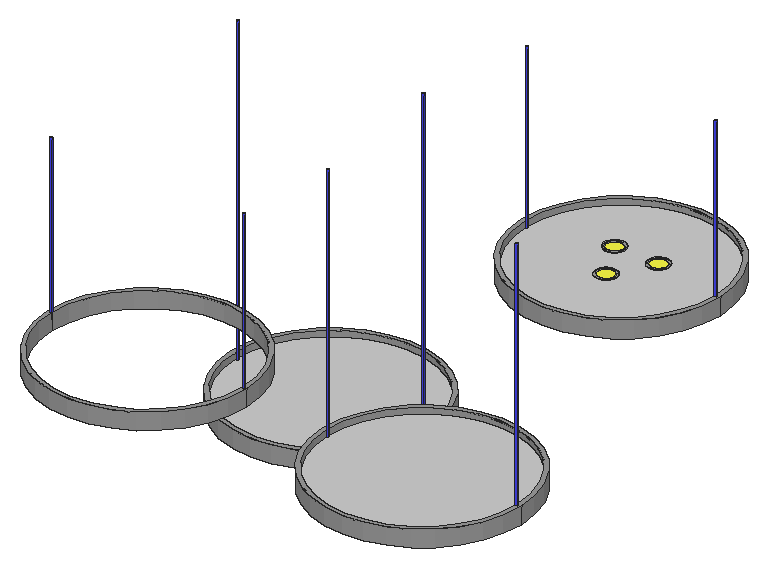
Revit family "CLD-FMD-009_CLUD MORPH_RFA", category Modelos genéricos, Revit 2022 (continued)
Forms (in)
  Extrusion 308, solid, not visible
    sketch origin (-32.38338, 0.00149, -1.20924) x (0, 1, 0) y (0, 0, -1)
      loop
        line (0.96881, 1.14538) -> (0.96881, -1.85462) -> (0.65631, -1.85462) -> (0.65631, -2.35462) -> (0.96881, -2.35462) -> (3.48948, -2.35462) -> (3.48948, -0.60462) -> (4.19814, -0.60462) -> (4.19814, -2.35462) -> (9.23948, -2.35462) -> (9.23948, -0.60462) -> (9.94814, -0.60462) -> (9.94814, -2.35462) -> (14.98948, -2.35462) -> (14.98948, -0.60462) -> (15.69814, -0.60462) -> (15.69814, -2.35462) -> (20.73948, -2.35462) -> (20.73948, -0.60462) -> (21.44814, -0.60462) -> (21.44814, -2.35462) -> (24.28131, -2.35462) -> (24.28131, -1.85462) -> (23.96881, -1.85462) -> (23.96881, 1.14538) -> (0.96881, 1.14538)
    from -3.96341 to -3.49097
  Extrusion 309, solid, not visible
    sketch origin (-26.63338, 0.00149, -1.20924) x (0, 1, 0) y (0, 0, -1)
      loop
        line (0.96881, 1.14538) -> (0.96881, -1.85462) -> (0.65631, -1.85462) -> (0.65631, -2.35462) -> (0.96881, -2.35462) -> (3.48948, -2.35462) -> (3.48948, -0.60462) -> (4.19814, -0.60462) -> (4.19814, -2.35462) -> (9.23948, -2.35462) -> (9.23948, -0.60462) -> (9.94814, -0.60462) -> (9.94814, -2.35462) -> (14.98948, -2.35462) -> (14.98948, -0.60462) -> (15.69814, -0.60462) -> (15.69814, -2.35462) -> (20.73948, -2.35462) -> (20.73948, -0.60462) -> (21.44814, -0.60462) -> (21.44814, -2.35462) -> (24.28131, -2.35462) -> (24.28131, -1.85462) -> (23.96881, -1.85462) -> (23.96881, 1.14538) -> (0.96881, 1.14538)
    from -3.96341 to -3.49097
  Extrusion 310, solid, not visible
    sketch origin (-44, 0, 0) x (1, 0, 0) y (0, 0, 1)
      loop
        line (0.96881, 0.64538) -> (0.96881, -2.35462) -> (3.48948, -2.35462) -> (3.48948, -0.60462) -> (4.19814, -0.60462) -> (4.19814, -2.35462) -> (9.23948, -2.35462) -> (9.23948, -0.60462) -> (9.94814, -0.60462) -> (9.94814, -2.35462) -> (14.98948, -2.35462) -> (14.98948, -0.60462) -> (15.69814, -0.60462) -> (15.69814, -2.35462) -> (20.73948, -2.35462) -> (20.73948, -0.60462) -> (21.44814, -0.60462) -> (21.44814, -2.35462) -> (23.96881, -2.35462) -> (23.96881, 0.64538) -> (24.28131, 0.64538) -> (24.28131, 1.14538) -> (0.65631, 1.14538) -> (0.65631, 0.64538) -> (0.96881, 0.64538)
    from -3.60908 to -3.49097
  Extrusion 311, solid, not visible
    sketch origin (-44, 0, 0) x (1, 0, 0) y (0, 0, 1)
      loop
        line (0.96881, 0.64538) -> (0.96881, -2.35462) -> (3.48948, -2.35462) -> (3.48948, -0.60462) -> (4.19814, -0.60462) -> (4.19814, -2.35462) -> (9.23948, -2.35462) -> (9.23948, -0.60462) -> (9.94814, -0.60462) -> (9.94814, -2.35462) -> (14.98948, -2.35462) -> (14.98948, -0.60462) -> (15.69814, -0.60462) -> (15.69814, -2.35462) -> (20.73948, -2.35462) -> (20.73948, -0.60462) -> (21.44814, -0.60462) -> (21.44814, -2.35462) -> (23.96881, -2.35462) -> (23.96881, 0.64538) -> (24.28131, 0.64538) -> (24.28131, 1.14538) -> (0.65631, 1.14538) -> (0.65631, 0.64538) -> (0.96881, 0.64538)
    from -4.08152 to -3.60908
  Extrusion 312, solid, not visible
    sketch origin (-44, 0, 0) x (1, 0, 0) y (0, 0, 1)
      loop
        line (0.96881, 0.64538) -> (0.96881, -2.35462) -> (3.48948, -2.35462) -> (3.48948, -0.60462) -> (4.19814, -0.60462) -> (4.19814, -2.35462) -> (9.23948, -2.35462) -> (9.23948, -0.60462) -> (9.94814, -0.60462) -> (9.94814, -2.35462) -> (14.98948, -2.35462) -> (14.98948, -0.60462) -> (15.69814, -0.60462) -> (15.69814, -2.35462) -> (20.73948, -2.35462) -> (20.73948, -0.60462) -> (21.44814, -0.60462) -> (21.44814, -2.35462) -> (23.96881, -2.35462) -> (23.96881, 0.64538) -> (24.28131, 0.64538) -> (24.28131, 1.14538) -> (0.65631, 1.14538) -> (0.65631, 0.64538) -> (0.96881, 0.64538)
    from -4.19963 to -4.08152
  Extrusion 313, solid, not visible
    sketch origin (-44.00149, 0.00149, -1.20924) x (0, 1, 0) y (0, 0, -1)
      loop
        line (0.96881, 1.14538) -> (0.96881, -1.85462) -> (0.65631, -1.85462) -> (0.65631, -2.35462) -> (0.96881, -2.35462) -> (3.48948, -2.35462) -> (3.48948, -0.60462) -> (4.19814, -0.60462) -> (4.19814, -2.35462) -> (9.23948, -2.35462) -> (9.23948, -0.60462) -> (9.94814, -0.60462) -> (9.94814, -2.35462) -> (14.98948, -2.35462) -> (14.98948, -0.60462) -> (15.69814, -0.60462) -> (15.69814, -2.35462) -> (20.73948, -2.35462) -> (20.73948, -0.60462) -> (21.44814, -0.60462) -> (21.44814, -2.35462) -> (24.28131, -2.35462) -> (24.28131, -1.85462) -> (23.96881, -1.85462) -> (23.96881, 1.14538) -> (0.96881, 1.14538)
    from -3.60908 to -3.49097
  Extrusion 314, solid, not visible
    sketch origin (-43.88338, 0.00149, -1.20924) x (0, 1, 0) y (0, 0, -1)
      loop
        line (0.96881, 1.14538) -> (0.96881, -1.85462) -> (0.65631, -1.85462) -> (0.65631, -2.35462) -> (0.96881, -2.35462) -> (3.48948, -2.35462) -> (3.48948, -0.60462) -> (4.19814, -0.60462) -> (4.19814, -2.35462) -> (9.23948, -2.35462) -> (9.23948, -0.60462) -> (9.94814, -0.60462) -> (9.94814, -2.35462) -> (14.98948, -2.35462) -> (14.98948, -0.60462) -> (15.69814, -0.60462) -> (15.69814, -2.35462) -> (20.73948, -2.35462) -> (20.73948, -0.60462) -> (21.44814, -0.60462) -> (21.44814, -2.35462) -> (24.28131, -2.35462) -> (24.28131, -1.85462) -> (23.96881, -1.85462) -> (23.96881, 1.14538) -> (0.96881, 1.14538)
    from -3.96341 to -3.49097
  Extrusion 315, solid, not visible
    sketch origin (-44.00149, 0.00149, -1.20924) x (0, 1, 0) y (0, 0, -1)
      loop
        line (0.96881, 1.14538) -> (0.96881, -1.85462) -> (0.65631, -1.85462) -> (0.65631, -2.35462) -> (0.96881, -2.35462) -> (3.48948, -2.35462) -> (3.48948, -0.60462) -> (4.19814, -0.60462) -> (4.19814, -2.35462) -> (9.23948, -2.35462) -> (9.23948, -0.60462) -> (9.94814, -0.60462) -> (9.94814, -2.35462) -> (14.98948, -2.35462) -> (14.98948, -0.60462) -> (15.69814, -0.60462) -> (15.69814, -2.35462) -> (20.73948, -2.35462) -> (20.73948, -0.60462) -> (21.44814, -0.60462) -> (21.44814, -2.35462) -> (24.28131, -2.35462) -> (24.28131, -1.85462) -> (23.96881, -1.85462) -> (23.96881, 1.14538) -> (0.96881, 1.14538)
    from -4.19963 to -4.08152
  Extrusion 316, solid, not visible
    sketch origin (-44, 0, 0) x (1, 0, 0) y (0, 0, 1)
      loop
        line (0.96881, 0.64538) -> (0.96881, -2.35462) -> (3.48948, -2.35462) -> (3.48948, -0.60462) -> (4.19814, -0.60462) -> (4.19814, -2.35462) -> (9.23948, -2.35462) -> (9.23948, -0.60462) -> (9.94814, -0.60462) -> (9.94814, -2.35462) -> (14.98948, -2.35462) -> (14.98948, -0.60462) -> (15.69814, -0.60462) -> (15.69814, -2.35462) -> (20.73948, -2.35462) -> (20.73948, -0.60462) -> (21.44814, -0.60462) -> (21.44814, -2.35462) -> (23.96881, -2.35462) -> (23.96881, 0.64538) -> (24.28131, 0.64538) -> (24.28131, 1.14538) -> (0.65631, 1.14538) -> (0.65631, 0.64538) -> (0.96881, 0.64538)
    from -9.94963 to -9.83152
  Extrusion 317, solid, not visible
    sketch origin (-44, 0, 0) x (1, 0, 0) y (0, 0, 1)
      loop
        line (0.96881, 0.64538) -> (0.96881, -2.35462) -> (3.48948, -2.35462) -> (3.48948, -0.60462) -> (4.19814, -0.60462) -> (4.19814, -2.35462) -> (9.23948, -2.35462) -> (9.23948, -0.60462) -> (9.94814, -0.60462) -> (9.94814, -2.35462) -> (14.98948, -2.35462) -> (14.98948, -0.60462) -> (15.69814, -0.60462) -> (15.69814, -2.35462) -> (20.73948, -2.35462) -> (20.73948, -0.60462) -> (21.44814, -0.60462) -> (21.44814, -2.35462) -> (23.96881, -2.35462) -> (23.96881, 0.64538) -> (24.28131, 0.64538) -> (24.28131, 1.14538) -> (0.65631, 1.14538) -> (0.65631, 0.64538) -> (0.96881, 0.64538)
    from -9.35908 to -9.24097
  Extrusion 318, solid, not visible
    sketch origin (-44, 0, 0) x (1, 0, 0) y (0, 0, 1)
      loop
        line (0.96881, 0.64538) -> (0.96881, -2.35462) -> (3.48948, -2.35462) -> (3.48948, -0.60462) -> (4.19814, -0.60462) -> (4.19814, -2.35462) -> (9.23948, -2.35462) -> (9.23948, -0.60462) -> (9.94814, -0.60462) -> (9.94814, -2.35462) -> (14.98948, -2.35462) -> (14.98948, -0.60462) -> (15.69814, -0.60462) -> (15.69814, -2.35462) -> (20.73948, -2.35462) -> (20.73948, -0.60462) -> (21.44814, -0.60462) -> (21.44814, -2.35462) -> (23.96881, -2.35462) -> (23.96881, 0.64538) -> (24.28131, 0.64538) -> (24.28131, 1.14538) -> (0.65631, 1.14538) -> (0.65631, 0.64538) -> (0.96881, 0.64538)
    from -9.83152 to -9.35908
  Extrusion 319, solid, not visible
    sketch origin (-44, 0, 0) x (1, 0, 0) y (0, 0, 1)
      loop
        line (0.96881, 0.64538) -> (0.96881, -2.35462) -> (3.48948, -2.35462) -> (3.48948, -0.60462) -> (4.19814, -0.60462) -> (4.19814, -2.35462) -> (9.23948, -2.35462) -> (9.23948, -0.60462) -> (9.94814, -0.60462) -> (9.94814, -2.35462) -> (14.98948, -2.35462) -> (14.98948, -0.60462) -> (15.69814, -0.60462) -> (15.69814, -2.35462) -> (20.73948, -2.35462) -> (20.73948, -0.60462) -> (21.44814, -0.60462) -> (21.44814, -2.35462) -> (23.96881, -2.35462) -> (23.96881, 0.64538) -> (24.28131, 0.64538) -> (24.28131, 1.14538) -> (0.65631, 1.14538) -> (0.65631, 0.64538) -> (0.96881, 0.64538)
    from -15.69963 to -15.58152
  Extrusion 320, solid, not visible
    sketch origin (-44, 0, 0) x (1, 0, 0) y (0, 0, 1)
      loop
        line (0.96881, 0.64538) -> (0.96881, -2.35462) -> (3.48948, -2.35462) -> (3.48948, -0.60462) -> (4.19814, -0.60462) -> (4.19814, -2.35462) -> (9.23948, -2.35462) -> (9.23948, -0.60462) -> (9.94814, -0.60462) -> (9.94814, -2.35462) -> (14.98948, -2.35462) -> (14.98948, -0.60462) -> (15.69814, -0.60462) -> (15.69814, -2.35462) -> (20.73948, -2.35462) -> (20.73948, -0.60462) -> (21.44814, -0.60462) -> (21.44814, -2.35462) -> (23.96881, -2.35462) -> (23.96881, 0.64538) -> (24.28131, 0.64538) -> (24.28131, 1.14538) -> (0.65631, 1.14538) -> (0.65631, 0.64538) -> (0.96881, 0.64538)
    from -15.10908 to -14.99097
  Extrusion 321, solid, not visible
    sketch origin (-44, 0, 0) x (1, 0, 0) y (0, 0, 1)
      loop
        line (0.96881, 0.64538) -> (0.96881, -2.35462) -> (3.48948, -2.35462) -> (3.48948, -0.60462) -> (4.19814, -0.60462) -> (4.19814, -2.35462) -> (9.23948, -2.35462) -> (9.23948, -0.60462) -> (9.94814, -0.60462) -> (9.94814, -2.35462) -> (14.98948, -2.35462) -> (14.98948, -0.60462) -> (15.69814, -0.60462) -> (15.69814, -2.35462) -> (20.73948, -2.35462) -> (20.73948, -0.60462) -> (21.44814, -0.60462) -> (21.44814, -2.35462) -> (23.96881, -2.35462) -> (23.96881, 0.64538) -> (24.28131, 0.64538) -> (24.28131, 1.14538) -> (0.65631, 1.14538) -> (0.65631, 0.64538) -> (0.96881, 0.64538)
    from -15.58152 to -15.10908
  Extrusion 322, solid, not visible
    sketch origin (-44, 0, 0) x (1, 0, 0) y (0, 0, 1)
      loop
        line (0.96881, 0.64538) -> (0.96881, -2.35462) -> (3.48948, -2.35462) -> (3.48948, -0.60462) -> (4.19814, -0.60462) -> (4.19814, -2.35462) -> (9.23948, -2.35462) -> (9.23948, -0.60462) -> (9.94814, -0.60462) -> (9.94814, -2.35462) -> (14.98948, -2.35462) -> (14.98948, -0.60462) -> (15.69814, -0.60462) -> (15.69814, -2.35462) -> (20.73948, -2.35462) -> (20.73948, -0.60462) -> (21.44814, -0.60462) -> (21.44814, -2.35462) -> (23.96881, -2.35462) -> (23.96881, 0.64538) -> (24.28131, 0.64538) -> (24.28131, 1.14538) -> (0.65631, 1.14538) -> (0.65631, 0.64538) -> (0.96881, 0.64538)
    from -21.44963 to -21.33152
  Extrusion 323, solid, not visible
    sketch origin (-44, 0, 0) x (1, 0, 0) y (0, 0, 1)
      loop
        line (0.96881, 0.64538) -> (0.96881, -2.35462) -> (3.48948, -2.35462) -> (3.48948, -0.60462) -> (4.19814, -0.60462) -> (4.19814, -2.35462) -> (9.23948, -2.35462) -> (9.23948, -0.60462) -> (9.94814, -0.60462) -> (9.94814, -2.35462) -> (14.98948, -2.35462) -> (14.98948, -0.60462) -> (15.69814, -0.60462) -> (15.69814, -2.35462) -> (20.73948, -2.35462) -> (20.73948, -0.60462) -> (21.44814, -0.60462) -> (21.44814, -2.35462) -> (23.96881, -2.35462) -> (23.96881, 0.64538) -> (24.28131, 0.64538) -> (24.28131, 1.14538) -> (0.65631, 1.14538) -> (0.65631, 0.64538) -> (0.96881, 0.64538)
    from -20.85908 to -20.74097
  Extrusion 324, solid, not visible
    sketch origin (-44, 0, 0) x (1, 0, 0) y (0, 0, 1)
      loop
        line (0.96881, 0.64538) -> (0.96881, -2.35462) -> (3.48948, -2.35462) -> (3.48948, -0.60462) -> (4.19814, -0.60462) -> (4.19814, -2.35462) -> (9.23948, -2.35462) -> (9.23948, -0.60462) -> (9.94814, -0.60462) -> (9.94814, -2.35462) -> (14.98948, -2.35462) -> (14.98948, -0.60462) -> (15.69814, -0.60462) -> (15.69814, -2.35462) -> (20.73948, -2.35462) -> (20.73948, -0.60462) -> (21.44814, -0.60462) -> (21.44814, -2.35462) -> (23.96881, -2.35462) -> (23.96881, 0.64538) -> (24.28131, 0.64538) -> (24.28131, 1.14538) -> (0.65631, 1.14538) -> (0.65631, 0.64538) -> (0.96881, 0.64538)
    from -21.33152 to -20.85908
  Extrusion 325, solid, not visible
    sketch origin (-38.25149, 0.00149, -1.20924) x (0, 1, 0) y (0, 0, -1)
      loop
        line (0.96881, 1.14538) -> (0.96881, -1.85462) -> (0.65631, -1.85462) -> (0.65631, -2.35462) -> (0.96881, -2.35462) -> (3.48948, -2.35462) -> (3.48948, -0.60462) -> (4.19814, -0.60462) -> (4.19814, -2.35462) -> (9.23948, -2.35462) -> (9.23948, -0.60462) -> (9.94814, -0.60462) -> (9.94814, -2.35462) -> (14.98948, -2.35462) -> (14.98948, -0.60462) -> (15.69814, -0.60462) -> (15.69814, -2.35462) -> (20.73948, -2.35462) -> (20.73948, -0.60462) -> (21.44814, -0.60462) -> (21.44814, -2.35462) -> (24.28131, -2.35462) -> (24.28131, -1.85462) -> (23.96881, -1.85462) -> (23.96881, 1.14538) -> (0.96881, 1.14538)
    from -4.19963 to -4.08152
  Extrusion 326, solid, not visible
    sketch origin (-38.84204, 0.00149, -1.20924) x (0, 1, 0) y (0, 0, -1)
      loop
        line (0.96881, 1.14538) -> (0.96881, -1.85462) -> (0.65631, -1.85462) -> (0.65631, -2.35462) -> (0.96881, -2.35462) -> (3.48948, -2.35462) -> (3.48948, -0.60462) -> (4.19814, -0.60462) -> (4.19814, -2.35462) -> (9.23948, -2.35462) -> (9.23948, -0.60462) -> (9.94814, -0.60462) -> (9.94814, -2.35462) -> (14.98948, -2.35462) -> (14.98948, -0.60462) -> (15.69814, -0.60462) -> (15.69814, -2.35462) -> (20.73948, -2.35462) -> (20.73948, -0.60462) -> (21.44814, -0.60462) -> (21.44814, -2.35462) -> (24.28131, -2.35462) -> (24.28131, -1.85462) -> (23.96881, -1.85462) -> (23.96881, 1.14538) -> (0.96881, 1.14538)
    from -4.19963 to -4.08152
  Extrusion 327, solid, not visible
    sketch origin (-32.50149, 0.00149, -1.20924) x (0, 1, 0) y (0, 0, -1)
      loop
        line (0.96881, 1.14538) -> (0.96881, -1.85462) -> (0.65631, -1.85462) -> (0.65631, -2.35462) -> (0.96881, -2.35462) -> (3.48948, -2.35462) -> (3.48948, -0.60462) -> (4.19814, -0.60462) -> (4.19814, -2.35462) -> (9.23948, -2.35462) -> (9.23948, -0.60462) -> (9.94814, -0.60462) -> (9.94814, -2.35462) -> (14.98948, -2.35462) -> (14.98948, -0.60462) -> (15.69814, -0.60462) -> (15.69814, -2.35462) -> (20.73948, -2.35462) -> (20.73948, -0.60462) -> (21.44814, -0.60462) -> (21.44814, -2.35462) -> (24.28131, -2.35462) -> (24.28131, -1.85462) -> (23.96881, -1.85462) -> (23.96881, 1.14538) -> (0.96881, 1.14538)
    from -4.19963 to -4.08152
  Extrusion 328, solid, not visible
    sketch origin (-33.09204, 0.00149, -1.20924) x (0, 1, 0) y (0, 0, -1)
      loop
        line (0.96881, 1.14538) -> (0.96881, -1.85462) -> (0.65631, -1.85462) -> (0.65631, -2.35462) -> (0.96881, -2.35462) -> (3.48948, -2.35462) -> (3.48948, -0.60462) -> (4.19814, -0.60462) -> (4.19814, -2.35462) -> (9.23948, -2.35462) -> (9.23948, -0.60462) -> (9.94814, -0.60462) -> (9.94814, -2.35462) -> (14.98948, -2.35462) -> (14.98948, -0.60462) -> (15.69814, -0.60462) -> (15.69814, -2.35462) -> (20.73948, -2.35462) -> (20.73948, -0.60462) -> (21.44814, -0.60462) -> (21.44814, -2.35462) -> (24.28131, -2.35462) -> (24.28131, -1.85462) -> (23.96881, -1.85462) -> (23.96881, 1.14538) -> (0.96881, 1.14538)
    from -4.19963 to -4.08152
  Extrusion 329, solid, not visible
    sketch origin (-27.34204, 0.00149, -1.20924) x (0, 1, 0) y (0, 0, -1)
      loop
        line (0.96881, 1.14538) -> (0.96881, -1.85462) -> (0.65631, -1.85462) -> (0.65631, -2.35462) -> (0.96881, -2.35462) -> (3.48948, -2.35462) -> (3.48948, -0.60462) -> (4.19814, -0.60462) -> (4.19814, -2.35462) -> (9.23948, -2.35462) -> (9.23948, -0.60462) -> (9.94814, -0.60462) -> (9.94814, -2.35462) -> (14.98948, -2.35462) -> (14.98948, -0.60462) -> (15.69814, -0.60462) -> (15.69814, -2.35462) -> (20.73948, -2.35462) -> (20.73948, -0.60462) -> (21.44814, -0.60462) -> (21.44814, -2.35462) -> (24.28131, -2.35462) -> (24.28131, -1.85462) -> (23.96881, -1.85462) -> (23.96881, 1.14538) -> (0.96881, 1.14538)
    from -4.19963 to -4.08152
  Extrusion 330, solid, not visible
    sketch origin (-26.75149, 0.00149, -1.20924) x (0, 1, 0) y (0, 0, -1)
      loop
        line (0.96881, 1.14538) -> (0.96881, -1.85462) -> (0.65631, -1.85462) -> (0.65631, -2.35462) -> (0.96881, -2.35462) -> (3.48948, -2.35462) -> (3.48948, -0.60462) -> (4.19814, -0.60462) -> (4.19814, -2.35462) -> (9.23948, -2.35462) -> (9.23948, -0.60462) -> (9.94814, -0.60462) -> (9.94814, -2.35462) -> (14.98948, -2.35462) -> (14.98948, -0.60462) -> (15.69814, -0.60462) -> (15.69814, -2.35462) -> (20.73948, -2.35462) -> (20.73948, -0.60462) -> (21.44814, -0.60462) -> (21.44814, -2.35462) -> (24.28131, -2.35462) -> (24.28131, -1.85462) -> (23.96881, -1.85462) -> (23.96881, 1.14538) -> (0.96881, 1.14538)
    from -4.19963 to -4.08152
  Extrusion 331, solid, not visible
    sketch origin (-38.13338, 0.00149, -1.20924) x (0, 1, 0) y (0, 0, -1)
      loop
        line (0.96881, 1.14538) -> (0.96881, -1.85462) -> (0.65631, -1.85462) -> (0.65631, -2.35462) -> (0.96881, -2.35462) -> (3.48948, -2.35462) -> (3.48948, -0.60462) -> (4.19814, -0.60462) -> (4.19814, -2.35462) -> (9.23948, -2.35462) -> (9.23948, -0.60462) -> (9.94814, -0.60462) -> (9.94814, -2.35462) -> (14.98948, -2.35462) -> (14.98948, -0.60462) -> (15.69814, -0.60462) -> (15.69814, -2.35462) -> (20.73948, -2.35462) -> (20.73948, -0.60462) -> (21.44814, -0.60462) -> (21.44814, -2.35462) -> (24.28131, -2.35462) -> (24.28131, -1.85462) -> (23.96881, -1.85462) -> (23.96881, 1.14538) -> (0.96881, 1.14538)
    from -3.96341 to -3.49097
  Extrusion 332, solid, not visible
    sketch origin (-32.38338, 0.00149, -1.20924) x (0, 1, 0) y (0, 0, -1)
      loop
        line (0.96881, 1.14538) -> (0.96881, -1.85462) -> (0.65631, -1.85462) -> (0.65631, -2.35462) -> (0.96881, -2.35462) -> (3.48948, -2.35462) -> (3.48948, -0.60462) -> (4.19814, -0.60462) -> (4.19814, -2.35462) -> (9.23948, -2.35462) -> (9.23948, -0.60462) -> (9.94814, -0.60462) -> (9.94814, -2.35462) -> (14.98948, -2.35462) -> (14.98948, -0.60462) -> (15.69814, -0.60462) -> (15.69814, -2.35462) -> (20.73948, -2.35462) -> (20.73948, -0.60462) -> (21.44814, -0.60462) -> (21.44814, -2.35462) -> (24.28131, -2.35462) -> (24.28131, -1.85462) -> (23.96881, -1.85462) -> (23.96881, 1.14538) -> (0.96881, 1.14538)
    from -3.96341 to -3.49097
  Extrusion 333, solid, not visible
    sketch origin (-26.63338, 0.00149, -1.20924) x (0, 1, 0) y (0, 0, -1)
      loop
        line (0.96881, 1.14538) -> (0.96881, -1.85462) -> (0.65631, -1.85462) -> (0.65631, -2.35462) -> (0.96881, -2.35462) -> (3.48948, -2.35462) -> (3.48948, -0.60462) -> (4.19814, -0.60462) -> (4.19814, -2.35462) -> (9.23948, -2.35462) -> (9.23948, -0.60462) -> (9.94814, -0.60462) -> (9.94814, -2.35462) -> (14.98948, -2.35462) -> (14.98948, -0.60462) -> (15.69814, -0.60462) -> (15.69814, -2.35462) -> (20.73948, -2.35462) -> (20.73948, -0.60462) -> (21.44814, -0.60462) -> (21.44814, -2.35462) -> (24.28131, -2.35462) -> (24.28131, -1.85462) -> (23.96881, -1.85462) -> (23.96881, 1.14538) -> (0.96881, 1.14538)
    from -3.96341 to -3.49097
  Extrusion 334, solid, not visible
    sketch origin (0, 0, 0) x (1, 0, 0) y (0, 1, 0)
      loop
        line (0, 0.11811) -> (0, 0) -> (48, 0) -> (48, 0.11811) -> (0, 0.11811)
    from 0 to 108
  Extrusion 335, solid, not visible
    sketch origin (0, 0, 0) x (1, 0, 0) y (0, 1, 0)
      loop
        line (0, 0.59055) -> (0, 0.11811) -> (48, 0.11811) -> (48, 0.59055) -> (0, 0.59055)
    from 0 to 108
  Extrusion 336, solid, not visible
    sketch origin (20.06218, -10.5, 0) x (0.5, 0.866025, 0) y (-0.866025, 0.5, 0)
      loop
        line (26.12436, 24.24871) -> (1.87564, 24.24871) -> (0, 21) -> (12.12436, 0) -> (36.37307, 0) -> (38.24871, 3.24871) -> (26.12436, 24.24871)
      loop
        line (35.82754, 0.94488) -> (37.15766, 3.24871) -> (25.57883, 23.30383) -> (2.42117, 23.30383) -> (1.09106, 21) -> (12.66988, 0.94488) -> (35.82754, 0.94488)
    from 0 to 10
  Extrusion 337, solid, not visible
    sketch origin (18.18653, 13.74871, 0) x (-0.5, 0.866025, 0) y (-0.866025, -0.5, 0)
      loop
        line (26.12436, 24.24871) -> (1.87564, 24.24871) -> (0, 21) -> (12.12436, 0) -> (36.37307, 0) -> (38.24871, 3.24871) -> (26.12436, 24.24871)
      loop
        line (35.82754, 0.94488) -> (37.15766, 3.24871) -> (25.57883, 23.30383) -> (2.42117, 23.30383) -> (1.09106, 21) -> (12.66988, 0.94488) -> (35.82754, 0.94488)
    from 0 to 10
  Extrusion 338, solid, not visible
    sketch origin (-23.81347, -10.5, 0) x (-0.5, 0.866025, 0) y (-0.866025, -0.5, 0)
      loop
        line (26.12436, -24.24871) -> (38.24871, -3.24871) -> (36.37307, 0) -> (12.12436, 0) -> (0, -21) -> (1.87564, -24.24871) -> (26.12436, -24.24871)
      loop
        line (35.82754, -0.94488) -> (12.66988, -0.94488) -> (1.09106, -21) -> (2.42117, -23.30383) -> (25.57883, -23.30383) -> (37.15766, -3.24871) -> (35.82754, -0.94488)
    from 0 to 10
  Extrusion 339, solid, not visible
    sketch origin (20.06218, 10.5, 0) x (0.5, -0.866025, 0) y (0.866025, 0.5, 0)
      loop
        line (26.12436, -24.24871) -> (38.24871, -3.24871) -> (36.37307, 0) -> (12.12436, 0) -> (0, -21) -> (1.87564, -24.24871) -> (26.12436, -24.24871)
      loop
        line (35.82754, -0.94488) -> (12.66988, -0.94488) -> (1.09106, -21) -> (2.42117, -23.30383) -> (25.57883, -23.30383) -> (37.15766, -3.24871) -> (35.82754, -0.94488)
    from 0 to 10
  Extrusion 340, solid, not visible
    sketch origin (18.18653, -13.74871, 0) x (-0.5, -0.866025, 0) y (0.866025, -0.5, 0)
      loop
        line (26.12436, -24.24871) -> (38.24871, -3.24871) -> (36.37307, 0) -> (12.12436, 0) -> (0, -21) -> (1.87564, -24.24871) -> (26.12436, -24.24871)
      loop
        line (35.82754, -0.94488) -> (12.66988, -0.94488) -> (1.09106, -21) -> (2.42117, -23.30383) -> (25.57883, -23.30383) -> (37.15766, -3.24871) -> (35.82754, -0.94488)
    from 0 to 10
  Extrusion 341, solid, not visible
    sketch origin (-23.81347, 10.5, 0) x (-0.5, -0.866025, 0) y (0.866025, -0.5, 0)
      loop
        line (26.12436, 24.24871) -> (1.87564, 24.24871) -> (0, 21) -> (12.12436, 0) -> (36.37307, 0) -> (38.24871, 3.24871) -> (26.12436, 24.24871)
      loop
        line (35.82754, 0.94488) -> (37.15766, 3.24871) -> (25.57883, 23.30383) -> (2.42117, 23.30383) -> (1.09106, 21) -> (12.66988, 0.94488) -> (35.82754, 0.94488)
    from 0 to 10
  Extrusion 342, solid, not visible
    sketch origin (-21.93782, 13.74871, 0) x (0.5, 0.866025, 0) y (-0.866025, 0.5, 0)
      loop
        line (26.12436, 24.24871) -> (1.87564, 24.24871) -> (0, 21) -> (12.12436, 0) -> (36.37307, 0) -> (38.24871, 3.24871) -> (26.12436, 24.24871)
      loop
        line (35.82754, 0.94488) -> (37.15766, 3.24871) -> (25.57883, 23.30383) -> (2.42117, 23.30383) -> (1.09106, 21) -> (12.66988, 0.94488) -> (35.82754, 0.94488)
    from 0 to 10
  Extrusion 343, solid, not visible
    sketch origin (-21.94005, -13.75, 0) x (0.5, -0.866025, 0) y (0.866025, 0.5, 0)
      loop
        line (26.12436, -24.24871) -> (38.24871, -3.24871) -> (36.37307, 0) -> (12.12436, 0) -> (0, -21) -> (1.87564, -24.24871) -> (26.12436, -24.24871)
      loop
        line (35.82754, -0.94488) -> (12.66988, -0.94488) -> (1.09106, -21) -> (2.42117, -23.30383) -> (25.57883, -23.30383) -> (37.15766, -3.24871) -> (35.82754, -0.94488)
    from 0 to 10
  Extrusion 344, solid, not visible
    sketch origin (60.18877, 10.50129, 0) x (-0.5, -0.866025, 0) y (0.866025, -0.5, 0)
      loop
        line (26.12436, -24.24871) -> (38.24871, -3.24871) -> (36.37307, 0) -> (12.12436, 0) -> (0, -21) -> (1.87564, -24.24871) -> (26.12436, -24.24871)
      loop
        line (35.82754, -0.94488) -> (12.66988, -0.94488) -> (1.09106, -21) -> (2.42117, -23.30383) -> (25.57883, -23.30383) -> (37.15766, -3.24871) -> (35.82754, -0.94488)
    from 0 to 10
  Extrusion 345, solid
    sketch origin (-46.06983, 3.37295, 0) x (1, 0, 0) y (0, 1, 0)
      loop
        circle (21.56983, 21.96091) r 24.5
      loop
        circle (21.56983, 21.96091) r 23.5
    from -0.08187 to 4
  Extrusion 346, solid, not visible
    sketch origin (-2.92322, 3.37295, 0) x (1, 0, 0) y (0, 1, 0)
      loop
        circle (21.56983, 21.96091) r 24.5
      loop
        circle (21.56983, 21.96091) r 23.5
    from 0 to 8
  Extrusion 347, solid
    sketch origin (2.93017, 26.89023, -19) x (1, 0, 0) y (0, 1, 0)
      loop
        circle (21.56983, 21.96091) r 24.5
      loop
        circle (21.56983, 21.96091) r 23.5
    from -0.08187 to 4
  Extrusion 348, solid
    sketch origin (2.64871, 88.6031, 0) x (1, 0, 0) y (0, 1, 0)
      loop
        circle (21.56983, 21.96091) r 24.5
      loop
        circle (21.56983, 21.96091) r 23.5
    from -0.08187 to 4
  Extrusion 349, solid
    sketch origin (-112.3122, 23.51728, -19) x (1, 0, 0) y (0, 1, 0)
      loop
        circle (136.8122, 25.33386) r 23.5
    from 2 to 2.63408
  Extrusion 350, solid
    sketch origin (-312.50359, 85.23015, 0) x (1, 0, 0) y (0, 1, 0)
      loop
        circle (336.72124, 25.33386) r 23.50089
      loop
        circle (342.14048, 30.00794) r 2.5
      loop
        circle (331.30201, 30.00794) r 2.50503
      loop
        circle (336.72124, 20.60773) r 2.50503
    from 2 to 2.63408
  Extrusion 351, solid
    sketch origin (-312.50359, 85.23015, 0) x (1, 0, 0) y (0, 1, 0)
      loop
        circle (331.30201, 30.00794) r 2.50503
      loop
        circle (331.30201, 30.00794) r 2
    from 1.91103 to 2.63408
  Extrusion 352, solid
    sketch origin (-312.50359, 85.23015, 0) x (1, 0, 0) y (0, 1, 0)
      loop
        circle (331.30201, 30.00794) r 2
    from 1.94644 to 2.58052
  Extrusion 353, solid, not visible
    sketch origin (0, 0, 0) x (1, 0, 0) y (0, 1, 0)
      loop
        circle (331.30201, 30.00794) r 2.50503
      loop
        circle (331.30201, 30.00794) r 2
    from 1.91103 to 2.63408
  Extrusion 354, solid, not visible
    sketch origin (0, 0, 0) x (1, 0, 0) y (0, 1, 0)
      loop
        circle (331.30201, 30.00794) r 2
    from 1.94644 to 2.58052
  Extrusion 355, solid
    sketch origin (-301.66513, 85.23015, 0) x (1, 0, 0) y (0, 1, 0)
      loop
        circle (331.30201, 30.00794) r 2.50503
      loop
        circle (331.30201, 30.00794) r 2
    from 1.91103 to 2.63408
  Extrusion 356, solid
    sketch origin (-301.66513, 85.23015, 0) x (1, 0, 0) y (0, 1, 0)
      loop
        circle (331.30201, 30.00794) r 2
    from 1.94644 to 2.58052
  Extrusion 357, solid
    sketch origin (-307.08436, 75.84377, 0) x (1, 0, 0) y (0, 1, 0)
      loop
        circle (331.30201, 30.00794) r 2.50503
      loop
        circle (331.30201, 30.00794) r 2
    from 1.91103 to 2.63408
  Extrusion 358, solid
    sketch origin (-307.08436, 75.84377, 0) x (1, 0, 0) y (0, 1, 0)
      loop
        circle (331.30201, 30.00794) r 2
    from 1.94644 to 2.58052
  Extrusion 359, solid
    sketch origin (-315.65773, 85.23015, 0) x (1, 0, 0) y (0, 1, 0)
      loop
        circle (316.62627, 25.33386) r 0.25
    from 2.63408 to 42.53135
  Extrusion 360, solid
    sketch origin (364.09481, 85.23015, 0) x (-1, 0, 0) y (0, -1, 0)
      loop
        circle (316.62627, -25.33386) r 0.25
    from 2.63408 to 42.53135
  Extrusion 361, solid
    sketch origin (-315.37627, 23.51728, -19) x (1, 0, 0) y (0, 1, 0)
      loop
        circle (316.62627, 25.33386) r 0.25
    from 2.63408 to 61.53135
  Extrusion 362, solid
    sketch origin (364.37627, 23.51728, -19) x (-1, 0, 0) y (0, -1, 0)
      loop
        circle (316.62627, -25.33386) r 0.25
    from 2.63408 to 61.53135
  Extrusion 363, solid
    sketch origin (-364.87627, 0, 0) x (1, 0, 0) y (0, 1, 0)
      loop
        circle (316.62627, 25.33386) r 0.25
    from 2.63408 to 42.53135
  Extrusion 364, solid
    sketch origin (315.88594, 0, 0) x (-1, 0, 0) y (0, -1, 0)
      loop
        circle (316.62627, -25.33386) r 0.25
    from 2.63408 to 42.53135
  Extrusion 365, solid, not visible
    sketch origin (-2.92322, 3.37295, 0) x (1, 0, 0) y (0, 1, 0)
      loop
        circle (21.56983, 21.96091) r 24.5
      loop
        circle (21.56983, 21.96091) r 23.5
    from -0.08187 to 4
  Extrusion 366, solid, not visible
    sketch origin (-321.72966, 0, 0) x (1, 0, 0) y (0, 1, 0)
      loop
        circle (316.62627, 25.33386) r 0.25
    from 2.63408 to 42.53135
  Extrusion 367, solid, not visible
    sketch origin (359.03255, 0, 0) x (-1, 0, 0) y (0, -1, 0)
      loop
        circle (316.62627, -25.33386) r 0.25
    from 2.63408 to 42.53135
  Extrusion 368, solid, not visible
    sketch origin (115.24237, 3.37295, 0) x (1, 0, 0) y (0, 1, 0)
      loop
        circle (21.56983, 21.96091) r 24.5
      loop
        circle (21.56983, 21.96091) r 23.5
    from -0.08187 to 4
  Extrusion 369, solid, not visible
    sketch origin (0, 0, 0) x (1, 0, 0) y (0, 1, 0)
      loop
        circle (136.8122, 25.33386) r 23.5
    from 2 to 2.63408
  Extrusion 370, solid, not visible
    sketch origin (-203.06407, 0, 0) x (1, 0, 0) y (0, 1, 0)
      loop
        circle (316.62627, 25.33386) r 0.25
    from 2.63408 to 61.53135
  Extrusion 371, solid, not visible
    sketch origin (476.68846, 0, 0) x (-1, 0, 0) y (0, -1, 0)
      loop
        circle (316.62627, -25.33386) r 0.25
    from 2.63408 to 61.53135
  Extrusion 372, solid, not visible
    sketch origin (218.36157, 3.37295, 0) x (1, 0, 0) y (0, 1, 0)
      loop
        circle (21.56983, 21.96091) r 24.5
      loop
        circle (21.56983, 21.96091) r 23.5
    from -0.08187 to 4
  Extrusion 373, solid, not visible
    sketch origin (218.36157, 3.37295, 0) x (1, 0, 0) y (0, 1, 0)
      loop
        circle (21.56983, 21.96091) r 23.5
      loop
        circle (21.56983, 21.96091) r 23.06194
    from -0.08187 to 1
  Extrusion 374, solid, not visible
    sketch origin (218.36157, 3.37295, 0) x (1, 0, 0) y (0, 1, 0)
      loop
        circle (21.56983, 21.96091) r 23.5
      loop
        circle (21.56983, 21.96091) r 23.06194
    from 1 to 1.5561
  Extrusion 375, solid, not visible
    sketch origin (102.6192, 0, 0) x (1, 0, 0) y (0, 1, 0)
      loop
        circle (137.31131, 25.38631) r 23.5
    from 2 to 2.63408
  Extrusion 376, solid, not visible
    sketch origin (-99.54074, 0, 0) x (1, 0, 0) y (0, 1, 0)
      loop
        circle (316.62627, 25.33386) r 0.25
    from 2.63408 to 77.53135
  Extrusion 377, solid, not visible
    sketch origin (579.40175, 0, 0) x (-1, 0, 0) y (0, -1, 0)
      loop
        circle (316.62627, -25.33386) r 0.25
    from 2.63408 to 77.53135
  Extrusion 378, solid, not visible
    sketch origin (315.15231, 3.37295, 0) x (1, 0, 0) y (0, 1, 0)
      loop
        circle (21.56983, 21.96091) r 24.5
      loop
        circle (21.56983, 21.96091) r 23.5
    from -0.08187 to 4
  Extrusion 379, solid, not visible
    sketch origin (0, 0, 0) x (1, 0, 0) y (0, 1, 0)
      loop
        circle (336.72124, 25.33386) r 23.50089
      loop
        circle (342.14048, 30.00794) r 2.5
      loop
        circle (331.30201, 30.00794) r 2.50503
      loop
        circle (336.72124, 20.60773) r 2.50503
    from 2 to 2.63408
  Extrusion 380, solid, not visible
    sketch origin (0, 0, 0) x (1, 0, 0) y (0, 1, 0)
      loop
        circle (331.30201, 30.00794) r 2.50503
      loop
        circle (331.30201, 30.00794) r 2
    from 1.91103 to 2.63408
  Extrusion 381, solid, not visible
    sketch origin (0, 0, 0) x (1, 0, 0) y (0, 1, 0)
      loop
        circle (331.30201, 30.00794) r 2
    from 1.94644 to 2.58052
  Extrusion 382, solid, not visible
    sketch origin (10.83846, 0, 0) x (1, 0, 0) y (0, 1, 0)
      loop
        circle (331.30201, 30.00794) r 2.50503
      loop
        circle (331.30201, 30.00794) r 2
    from 1.91103 to 2.63408
  Extrusion 383, solid, not visible
    sketch origin (10.83846, 0, 0) x (1, 0, 0) y (0, 1, 0)
      loop
        circle (331.30201, 30.00794) r 2
    from 1.94644 to 2.58052
  Extrusion 384, solid, not visible
    sketch origin (5.41923, -9.38639, 0) x (1, 0, 0) y (0, 1, 0)
      loop
        circle (331.30201, 30.00794) r 2.50503
      loop
        circle (331.30201, 30.00794) r 2
    from 1.91103 to 2.63408
  Extrusion 385, solid, not visible
    sketch origin (5.41923, -9.38639, 0) x (1, 0, 0) y (0, 1, 0)
      loop
        circle (331.30201, 30.00794) r 2
    from 1.94644 to 2.58052
  Extrusion 386, solid, not visible
    sketch origin (-3.15414, 0, 0) x (1, 0, 0) y (0, 1, 0)
      loop
        circle (316.62627, 25.33386) r 0.25
    from 2.63408 to 42.53135
  Extrusion 387, solid, not visible
    sketch origin (676.5984, 0, 0) x (-1, 0, 0) y (0, -1, 0)
      loop
        circle (316.62627, -25.33386) r 0.25
    from 2.63408 to 42.53135
  Extrusion 388, solid
    sketch origin (-47.58382, 61.77262, -35) x (1, 0, 0) y (0, 1, 0)
      loop
        circle (21.56983, 21.96091) r 24.5
      loop
        circle (21.56983, 21.96091) r 23.5
    from -0.08187 to 4
  Extrusion 389, solid
    sketch origin (-47.58382, 61.77262, -35) x (1, 0, 0) y (0, 1, 0)
      loop
        circle (21.56983, 21.96091) r 23.5
      loop
        circle (21.56983, 21.96091) r 23.06194
    from -0.08187 to 1
  Extrusion 390, solid
    sketch origin (-47.58382, 61.77262, -35) x (1, 0, 0) y (0, 1, 0)
      loop
        circle (21.56983, 21.96091) r 23.5
      loop
        circle (21.56983, 21.96091) r 23.06194
    from 1 to 1.5561
  Extrusion 391, solid
    sketch origin (-163.32619, 58.39967, -35) x (1, 0, 0) y (0, 1, 0)
      loop
        circle (137.31131, 25.38631) r 23.5
    from 2 to 2.63408
  Extrusion 392, solid
    sketch origin (-365.48613, 58.39967, -35) x (1, 0, 0) y (0, 1, 0)
      loop
        circle (316.62627, 25.33386) r 0.25
    from 2.63408 to 77.53135
  Extrusion 393, solid
    sketch origin (313.45636, 58.39967, -35) x (-1, 0, 0) y (0, -1, 0)
      loop
        circle (316.62627, -25.33386) r 0.25
    from 2.63408 to 77.53135
Dimensions and locks (in)
  aligned and locked: level to plane 2
